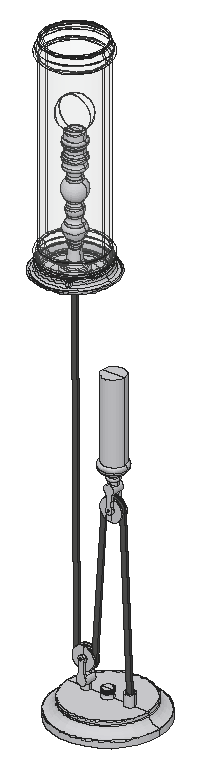
Revit family "Light_Fixture-Pendant-KOHLER-Damask-K-23340_1", category Lighting Fixtures, host Face, Revit 2017 (continued)
Definition of nested family "K-23340"
  Lines and regions (in)
    symbolic lines, detail levels medium+fine
      curve 36: arc (0, 0.25522, 13.28691) -> (0, 0.19755, 13.24258) -> (0, 0.13757, 13.20144) r 1.3427
      curve 37: line (0, -0.25522, 13.45264) -> (0, -0.13757, 13.45264)
      curve 38: line (0, 0.25522, 13.45264) -> (0, 0.13757, 13.45264)
      curve 39: line (0, 0.27549, 13.61175) -> (0, 0.13757, 13.61175)
      curve 40: line (0, -0.27549, 13.61175) -> (0, -0.13757, 13.61175)
      curve 41: line (0, 0.51186, 13.94284) -> (0, 0.13757, 13.94284)
      curve 42: line (0, -0.51186, 13.94284) -> (0, -0.13757, 13.94284)
      curve 43: line (0, -0.71208, 14.1003) -> (0, -0.13757, 14.1003)
      curve 44: line (0, -0.77905, 14.20017) -> (0, -0.13757, 14.20017)
      curve 45: line (0, 0.77905, 14.20017) -> (0, 0.13757, 14.20017)
      curve 46: line (0, 0.71208, 14.1003) -> (0, 0.13757, 14.1003)
      curve 47: line (0, 0.68898, 14.45669) -> (0, 0.13757, 14.45669)
      curve 48: line (0, -0.68898, 14.45669) -> (0, -0.13757, 14.45669)
      curve 49: line (0, -0.13754, 19.375) -> (0, -0.13757, 14.45669)
      curve 50: line (0, 0.13754, 19.375) -> (0, 0.13757, 14.56104)
      curve 51: line (0, 0.13754, 23.33493) -> (0, -0.13754, 23.33493)
      curve 52: line (0, 1.78872, 24.86136) -> (0, -1.78872, 24.86136)
      curve 53: line (0, 0.27284, 24) -> (0, -0.27284, 24)
      curve 54: line (0, 1.8479, 25.71976) -> (0, -1.8479, 25.71976)
      curve 55: line (0, 1.8479, 36.36894) -> (0, -1.8479, 36.36894)
      curve 56: circle (0, 0, 24.70668) r 0.15468 normal (1, 0, 0)
      curve 57: circle (0, 0, 23.59654) r 0.08466 normal (1, 0, 0)
      curve 58: line (-3.25, 0, 0.38026) -> (3.25, 0, 0.38026)
      curve 59: line (1.08269, 0, 1.125) -> (1.67323, 0, 1.125)
      curve 60: line (-0.34514, 0, 1.125) -> (0.34514, 0, 1.125)
      curve 61: line (-1.63379, 0, 1.125) -> (-1.12228, 0, 1.125)
      curve 62: line (-0.34986, 0, 1.43054) -> (-0.34986, 0, 1.58268)
      curve 63: line (-0.34291, 0, 1.58268) -> (-0.34291, 0, 1.43054)
      curve 64: spline (-0.34291, 0, 1.43054) -> (-0.34114, 0, 1.42711) -> (-0.33939, 0, 1.42363) -> (-0.33768, 0, 1.42012) -> (-0.336, 0, 1.41657) -> (-0.33435, 0, 1.41299) -> (-0.33273, 0, 1.40936) -> (-0.33114, 0, 1.4057) -> (-0.32959, 0, 1.402) -> (-0.32807, 0, 1.39827) -> (-0.32659, 0, 1.39451) -> (-0.32514, 0, 1.39071) -> (-0.32372, 0, 1.38688)
      curve 65: spline (-0.32372, 0, 1.38688) -> (-0.32565, 0, 1.39071) -> (-0.32763, 0, 1.39451) -> (-0.32965, 0, 1.39827) -> (-0.33172, 0, 1.402) -> (-0.33383, 0, 1.4057) -> (-0.33599, 0, 1.40936) -> (-0.33819, 0, 1.41299) -> (-0.34044, 0, 1.41657) -> (-0.34273, 0, 1.42012) -> (-0.34507, 0, 1.42363) -> (-0.34744, 0, 1.42711) -> (-0.34986, 0, 1.43054)
      curve 66: spline (-0.30889, 0, 1.38688) -> (-0.31099, 0, 1.39071) -> (-0.31314, 0, 1.39451) -> (-0.31535, 0, 1.39827) -> (-0.3176, 0, 1.402) -> (-0.3199, 0, 1.4057) -> (-0.32225, 0, 1.40936) -> (-0.32465, 0, 1.41299) -> (-0.3271, 0, 1.41657) -> (-0.3296, 0, 1.42012) -> (-0.33214, 0, 1.42363) -> (-0.33473, 0, 1.42711) -> (-0.33737, 0, 1.43054)
      curve 67: spline (-0.32368, 0, 1.43054) -> (-0.32231, 0, 1.42711) -> (-0.32096, 0, 1.42363) -> (-0.31964, 0, 1.42012) -> (-0.31835, 0, 1.41657) -> (-0.31708, 0, 1.41299) -> (-0.31583, 0, 1.40936) -> (-0.31461, 0, 1.4057) -> (-0.31341, 0, 1.402) -> (-0.31224, 0, 1.39827) -> (-0.3111, 0, 1.39451) -> (-0.30998, 0, 1.39071) -> (-0.30889, 0, 1.38688)
      curve 68: line (-0.32368, 0, 1.58268) -> (-0.32368, 0, 1.43054)
      curve 69: line (-0.33737, 0, 1.43054) -> (-0.33737, 0, 1.58268)
      curve 70: line (-0.31462, 0, 1.43054) -> (-0.31462, 0, 1.58268)
      curve 71: spline (-0.28467, 0, 1.38688) -> (-0.28688, 0, 1.39071) -> (-0.28915, 0, 1.39451) -> (-0.29146, 0, 1.39827) -> (-0.29383, 0, 1.402) -> (-0.29625, 0, 1.4057) -> (-0.29873, 0, 1.40936) -> (-0.30125, 0, 1.41299) -> (-0.30382, 0, 1.41657) -> (-0.30645, 0, 1.42012) -> (-0.30912, 0, 1.42363) -> (-0.31184, 0, 1.42711) -> (-0.31462, 0, 1.43054)
      curve 72: spline (-0.2946, 0, 1.43054) -> (-0.29369, 0, 1.42711) -> (-0.29278, 0, 1.42363) -> (-0.2919, 0, 1.42012) -> (-0.29103, 0, 1.41657) -> (-0.29017, 0, 1.41299) -> (-0.28933, 0, 1.40936) -> (-0.28851, 0, 1.4057) -> (-0.28771, 0, 1.402) -> (-0.28693, 0, 1.39827) -> (-0.28616, 0, 1.39451) -> (-0.28541, 0, 1.39071) -> (-0.28467, 0, 1.38688)
      curve 73: line (-0.2946, 0, 1.58268) -> (-0.2946, 0, 1.43054)
      curve 74: line (-0.28231, 0, 1.43054) -> (-0.28231, 0, 1.58268)
      curve 75: spline (-0.25181, 0, 1.38688) -> (-0.25406, 0, 1.39071) -> (-0.25637, 0, 1.39451) -> (-0.25872, 0, 1.39827) -> (-0.26114, 0, 1.402) -> (-0.2636, 0, 1.4057) -> (-0.26612, 0, 1.40936) -> (-0.26869, 0, 1.41299) -> (-0.27131, 0, 1.41657) -> (-0.27399, 0, 1.42012) -> (-0.27671, 0, 1.42363) -> (-0.27948, 0, 1.42711) -> (-0.28231, 0, 1.43054)
      curve 76: spline (-0.25658, 0, 1.43054) -> (-0.25614, 0, 1.42711) -> (-0.25571, 0, 1.42363) -> (-0.25528, 0, 1.42012) -> (-0.25486, 0, 1.41657) -> (-0.25445, 0, 1.41299) -> (-0.25405, 0, 1.40936) -> (-0.25365, 0, 1.4057) -> (-0.25327, 0, 1.402) -> (-0.25289, 0, 1.39827) -> (-0.25252, 0, 1.39451) -> (-0.25216, 0, 1.39071) -> (-0.25181, 0, 1.38688)
      curve 77: line (-0.25658, 0, 1.58268) -> (-0.25658, 0, 1.43054)
      curve 78: line (-0.24142, 0, 1.43054) -> (-0.24142, 0, 1.58268)
      curve 79: spline (-0.21129, 0, 1.38688) -> (-0.21352, 0, 1.39071) -> (-0.21579, 0, 1.39451) -> (-0.21812, 0, 1.39827) -> (-0.22051, 0, 1.402) -> (-0.22294, 0, 1.4057) -> (-0.22543, 0, 1.40936) -> (-0.22797, 0, 1.41299) -> (-0.23056, 0, 1.41657) -> (-0.2332, 0, 1.42012) -> (-0.23589, 0, 1.42363) -> (-0.23863, 0, 1.42711) -> (-0.24142, 0, 1.43054)
      curve 80: spline (-0.21076, 0, 1.43054) -> (-0.21081, 0, 1.42711) -> (-0.21086, 0, 1.42363) -> (-0.21091, 0, 1.42012) -> (-0.21095, 0, 1.41657) -> (-0.211, 0, 1.41299) -> (-0.21104, 0, 1.40936) -> (-0.21109, 0, 1.4057) -> (-0.21113, 0, 1.402) -> (-0.21117, 0, 1.39827) -> (-0.21121, 0, 1.39451) -> (-0.21125, 0, 1.39071) -> (-0.21129, 0, 1.38688)
      curve 81: line (-0.21076, 0, 1.58268) -> (-0.21076, 0, 1.43054)
      curve 82: line (-0.1932, 0, 1.43054) -> (-0.1932, 0, 1.58268)
      curve 83: spline (-0.16436, 0, 1.38688) -> (-0.16649, 0, 1.39071) -> (-0.16867, 0, 1.39451) -> (-0.1709, 0, 1.39827) -> (-0.17318, 0, 1.402) -> (-0.17551, 0, 1.4057) -> (-0.17789, 0, 1.40936) -> (-0.18032, 0, 1.41299) -> (-0.1828, 0, 1.41657) -> (-0.18533, 0, 1.42012) -> (-0.1879, 0, 1.42363) -> (-0.19053, 0, 1.42711) -> (-0.1932, 0, 1.43054)
      curve 84: line (-0.16436, 0, 1.58268) -> (-0.16436, 0, 1.38688)
      curve 85: spline (-0.15854, 0, 1.43054) -> (-0.15908, 0, 1.42711) -> (-0.1596, 0, 1.42363) -> (-0.16012, 0, 1.42012) -> (-0.16063, 0, 1.41657) -> (-0.16114, 0, 1.41299) -> (-0.16163, 0, 1.40936) -> (-0.16211, 0, 1.4057) -> (-0.16258, 0, 1.402) -> (-0.16304, 0, 1.39827) -> (-0.16349, 0, 1.39451) -> (-0.16393, 0, 1.39071) -> (-0.16436, 0, 1.38688)
      curve 86: line (-0.15854, 0, 1.58268) -> (-0.15854, 0, 1.43054)
      curve 87: line (-0.1391, 0, 1.43054) -> (-0.1391, 0, 1.58268)
      curve 88: spline (-0.11243, 0, 1.38688) -> (-0.1144, 0, 1.39071) -> (-0.11641, 0, 1.39451) -> (-0.11848, 0, 1.39827) -> (-0.12059, 0, 1.402) -> (-0.12274, 0, 1.4057) -> (-0.12495, 0, 1.40936) -> (-0.12719, 0, 1.41299) -> (-0.12949, 0, 1.41657) -> (-0.13183, 0, 1.42012) -> (-0.13421, 0, 1.42363) -> (-0.13663, 0, 1.42711) -> (-0.1391, 0, 1.43054)
      curve 89: line (-0.11243, 0, 1.58268) -> (-0.11243, 0, 1.38688)
      curve 90: spline (-0.1015, 0, 1.43054) -> (-0.10251, 0, 1.42711) -> (-0.1035, 0, 1.42363) -> (-0.10448, 0, 1.42012) -> (-0.10544, 0, 1.41657) -> (-0.10638, 0, 1.41299) -> (-0.1073, 0, 1.40936) -> (-0.1082, 0, 1.4057) -> (-0.10908, 0, 1.402) -> (-0.10995, 0, 1.39827) -> (-0.11079, 0, 1.39451) -> (-0.11162, 0, 1.39071) -> (-0.11243, 0, 1.38688)
      curve 91: line (-0.1015, 0, 1.58268) -> (-0.1015, 0, 1.43054)
      curve 92: line (-0.08078, 0, 1.43054) -> (-0.08078, 0, 1.58268)
      curve 93: spline (-0.05708, 0, 1.38688) -> (-0.05883, 0, 1.39071) -> (-0.06062, 0, 1.39451) -> (-0.06246, 0, 1.39827) -> (-0.06433, 0, 1.402) -> (-0.06625, 0, 1.4057) -> (-0.0682, 0, 1.40936) -> (-0.0702, 0, 1.41299) -> (-0.07224, 0, 1.41657) -> (-0.07432, 0, 1.42012) -> (-0.07643, 0, 1.42363) -> (-0.07859, 0, 1.42711) -> (-0.08078, 0, 1.43054)
      curve 94: spline (-0.04137, 0, 1.43054) -> (-0.04283, 0, 1.42711) -> (-0.04425, 0, 1.42363) -> (-0.04566, 0, 1.42012) -> (-0.04703, 0, 1.41657) -> (-0.04838, 0, 1.41299) -> (-0.04971, 0, 1.40936) -> (-0.05101, 0, 1.4057) -> (-0.05228, 0, 1.402) -> (-0.05352, 0, 1.39827) -> (-0.05473, 0, 1.39451) -> (-0.05592, 0, 1.39071) -> (-0.05708, 0, 1.38688)
      curve 95: line (-0.05708, 0, 1.58268) -> (-0.05708, 0, 1.38688)
      curve 96: line (-0.04137, 0, 1.58268) -> (-0.04137, 0, 1.43054)
      curve 97: line (-0.02001, 0, 1.43054) -> (-0.02001, 0, 1.58268)
      curve 98: spline (0, 0, 1.38688) -> (-0.00148, 0, 1.39071) -> (-0.00299, 0, 1.39451) -> (-0.00454, 0, 1.39827) -> (-0.00612, 0, 1.402) -> (-0.00774, 0, 1.4057) -> (-0.00939, 0, 1.40936) -> (-0.01108, 0, 1.41299) -> (-0.0128, 0, 1.41657) -> (-0.01455, 0, 1.42012) -> (-0.01634, 0, 1.42363) -> (-0.01816, 0, 1.42711) -> (-0.02001, 0, 1.43054)
      curve 99: line (0, 0, 1.38688) -> (0, 0, 1.58268)
      curve 100: line (0.34986, 0, 1.43054) -> (0.34986, 0, 1.58268)
      curve 101: line (0.34291, 0, 1.58268) -> (0.34291, 0, 1.43054)
      curve 102: spline (0.34291, 0, 1.43054) -> (0.34114, 0, 1.42711) -> (0.33939, 0, 1.42363) -> (0.33768, 0, 1.42012) -> (0.336, 0, 1.41657) -> (0.33435, 0, 1.41299) -> (0.33273, 0, 1.40936) -> (0.33114, 0, 1.4057) -> (0.32959, 0, 1.402) -> (0.32807, 0, 1.39827) -> (0.32659, 0, 1.39451) -> (0.32514, 0, 1.39071) -> (0.32372, 0, 1.38688)
      curve 103: spline (0.32372, 0, 1.38688) -> (0.32565, 0, 1.39071) -> (0.32763, 0, 1.39451) -> (0.32965, 0, 1.39827) -> (0.33172, 0, 1.402) -> (0.33383, 0, 1.4057) -> (0.33599, 0, 1.40936) -> (0.33819, 0, 1.41299) -> (0.34044, 0, 1.41657) -> (0.34273, 0, 1.42012) -> (0.34507, 0, 1.42363) -> (0.34744, 0, 1.42711) -> (0.34986, 0, 1.43054)
      curve 104: spline (0.30889, 0, 1.38688) -> (0.31099, 0, 1.39071) -> (0.31314, 0, 1.39451) -> (0.31535, 0, 1.39827) -> (0.3176, 0, 1.402) -> (0.3199, 0, 1.4057) -> (0.32225, 0, 1.40936) -> (0.32465, 0, 1.41299) -> (0.3271, 0, 1.41657) -> (0.3296, 0, 1.42012) -> (0.33214, 0, 1.42363) -> (0.33473, 0, 1.42711) -> (0.33737, 0, 1.43054)
      curve 105: spline (0.32368, 0, 1.43054) -> (0.32231, 0, 1.42711) -> (0.32096, 0, 1.42363) -> (0.31964, 0, 1.42012) -> (0.31835, 0, 1.41657) -> (0.31708, 0, 1.41299) -> (0.31583, 0, 1.40936) -> (0.31461, 0, 1.4057) -> (0.31341, 0, 1.402) -> (0.31224, 0, 1.39827) -> (0.3111, 0, 1.39451) -> (0.30998, 0, 1.39071) -> (0.30889, 0, 1.38688)
      curve 106: line (0.32368, 0, 1.58268) -> (0.32368, 0, 1.43054)
      curve 107: line (0.33737, 0, 1.43054) -> (0.33737, 0, 1.58268)
      curve 108: line (0.31462, 0, 1.43054) -> (0.31462, 0, 1.58268)
      curve 109: spline (0.28467, 0, 1.38688) -> (0.28688, 0, 1.39071) -> (0.28915, 0, 1.39451) -> (0.29146, 0, 1.39827) -> (0.29383, 0, 1.402) -> (0.29625, 0, 1.4057) -> (0.29873, 0, 1.40936) -> (0.30125, 0, 1.41299) -> (0.30382, 0, 1.41657) -> (0.30645, 0, 1.42012) -> (0.30912, 0, 1.42363) -> (0.31184, 0, 1.42711) -> (0.31462, 0, 1.43054)
      curve 110: spline (0.2946, 0, 1.43054) -> (0.29369, 0, 1.42711) -> (0.29278, 0, 1.42363) -> (0.2919, 0, 1.42012) -> (0.29103, 0, 1.41657) -> (0.29017, 0, 1.41299) -> (0.28933, 0, 1.40936) -> (0.28851, 0, 1.4057) -> (0.28771, 0, 1.402) -> (0.28693, 0, 1.39827) -> (0.28616, 0, 1.39451) -> (0.28541, 0, 1.39071) -> (0.28467, 0, 1.38688)
      curve 111: line (0.2946, 0, 1.58268) -> (0.2946, 0, 1.43054)
      curve 112: line (0.28231, 0, 1.43054) -> (0.28231, 0, 1.58268)
      curve 113: spline (0.25181, 0, 1.38688) -> (0.25406, 0, 1.39071) -> (0.25637, 0, 1.39451) -> (0.25872, 0, 1.39827) -> (0.26114, 0, 1.402) -> (0.2636, 0, 1.4057) -> (0.26612, 0, 1.40936) -> (0.26869, 0, 1.41299) -> (0.27131, 0, 1.41657) -> (0.27399, 0, 1.42012) -> (0.27671, 0, 1.42363) -> (0.27948, 0, 1.42711) -> (0.28231, 0, 1.43054)
      curve 114: spline (0.25658, 0, 1.43054) -> (0.25614, 0, 1.42711) -> (0.25571, 0, 1.42363) -> (0.25528, 0, 1.42012) -> (0.25486, 0, 1.41657) -> (0.25445, 0, 1.41299) -> (0.25405, 0, 1.40936) -> (0.25365, 0, 1.4057) -> (0.25327, 0, 1.402) -> (0.25289, 0, 1.39827) -> (0.25252, 0, 1.39451) -> (0.25216, 0, 1.39071) -> (0.25181, 0, 1.38688)
      curve 115: line (0.25658, 0, 1.58268) -> (0.25658, 0, 1.43054)
      curve 116: line (0.24142, 0, 1.43054) -> (0.24142, 0, 1.58268)
      curve 117: spline (0.21129, 0, 1.38688) -> (0.21352, 0, 1.39071) -> (0.21579, 0, 1.39451) -> (0.21812, 0, 1.39827) -> (0.22051, 0, 1.402) -> (0.22294, 0, 1.4057) -> (0.22543, 0, 1.40936) -> (0.22797, 0, 1.41299) -> (0.23056, 0, 1.41657) -> (0.2332, 0, 1.42012) -> (0.23589, 0, 1.42363) -> (0.23863, 0, 1.42711) -> (0.24142, 0, 1.43054)
      curve 118: spline (0.21076, 0, 1.43054) -> (0.21081, 0, 1.42711) -> (0.21086, 0, 1.42363) -> (0.21091, 0, 1.42012) -> (0.21095, 0, 1.41657) -> (0.211, 0, 1.41299) -> (0.21104, 0, 1.40936) -> (0.21109, 0, 1.4057) -> (0.21113, 0, 1.402) -> (0.21117, 0, 1.39827) -> (0.21121, 0, 1.39451) -> (0.21125, 0, 1.39071) -> (0.21129, 0, 1.38688)
      curve 119: line (0.21076, 0, 1.58268) -> (0.21076, 0, 1.43054)
      curve 120: line (0.1932, 0, 1.43054) -> (0.1932, 0, 1.58268)
      curve 121: spline (0.16436, 0, 1.38688) -> (0.16649, 0, 1.39071) -> (0.16867, 0, 1.39451) -> (0.1709, 0, 1.39827) -> (0.17318, 0, 1.402) -> (0.17551, 0, 1.4057) -> (0.17789, 0, 1.40936) -> (0.18032, 0, 1.41299) -> (0.1828, 0, 1.41657) -> (0.18533, 0, 1.42012) -> (0.1879, 0, 1.42363) -> (0.19053, 0, 1.42711) -> (0.1932, 0, 1.43054)
      curve 122: line (0.16436, 0, 1.58268) -> (0.16436, 0, 1.38688)
      curve 123: spline (0.15854, 0, 1.43054) -> (0.15908, 0, 1.42711) -> (0.1596, 0, 1.42363) -> (0.16012, 0, 1.42012) -> (0.16063, 0, 1.41657) -> (0.16114, 0, 1.41299) -> (0.16163, 0, 1.40936) -> (0.16211, 0, 1.4057) -> (0.16258, 0, 1.402) -> (0.16304, 0, 1.39827) -> (0.16349, 0, 1.39451) -> (0.16393, 0, 1.39071) -> (0.16436, 0, 1.38688)
      curve 124: line (0.15854, 0, 1.58268) -> (0.15854, 0, 1.43054)
      curve 125: line (0.1391, 0, 1.43054) -> (0.1391, 0, 1.58268)
      curve 126: spline (0.11243, 0, 1.38688) -> (0.1144, 0, 1.39071) -> (0.11641, 0, 1.39451) -> (0.11848, 0, 1.39827) -> (0.12059, 0, 1.402) -> (0.12274, 0, 1.4057) -> (0.12495, 0, 1.40936) -> (0.12719, 0, 1.41299) -> (0.12949, 0, 1.41657) -> (0.13183, 0, 1.42012) -> (0.13421, 0, 1.42363) -> (0.13663, 0, 1.42711) -> (0.1391, 0, 1.43054)
      curve 127: line (0.11243, 0, 1.58268) -> (0.11243, 0, 1.38688)
      curve 128: spline (0.1015, 0, 1.43054) -> (0.10251, 0, 1.42711) -> (0.1035, 0, 1.42363) -> (0.10448, 0, 1.42012) -> (0.10544, 0, 1.41657) -> (0.10638, 0, 1.41299) -> (0.1073, 0, 1.40936) -> (0.1082, 0, 1.4057) -> (0.10908, 0, 1.402) -> (0.10995, 0, 1.39827) -> (0.11079, 0, 1.39451) -> (0.11162, 0, 1.39071) -> (0.11243, 0, 1.38688)
      curve 129: line (0.1015, 0, 1.58268) -> (0.1015, 0, 1.43054)
      curve 130: line (0.08078, 0, 1.43054) -> (0.08078, 0, 1.58268)
      curve 131: spline (0.05708, 0, 1.38688) -> (0.05883, 0, 1.39071) -> (0.06062, 0, 1.39451) -> (0.06246, 0, 1.39827) -> (0.06433, 0, 1.402) -> (0.06625, 0, 1.4057) -> (0.0682, 0, 1.40936) -> (0.0702, 0, 1.41299) -> (0.07224, 0, 1.41657) -> (0.07432, 0, 1.42012) -> (0.07643, 0, 1.42363) -> (0.07859, 0, 1.42711) -> (0.08078, 0, 1.43054)
      curve 132: spline (0.04137, 0, 1.43054) -> (0.04283, 0, 1.42711) -> (0.04425, 0, 1.42363) -> (0.04566, 0, 1.42012) -> (0.04703, 0, 1.41657) -> (0.04838, 0, 1.41299) -> (0.04971, 0, 1.40936) -> (0.05101, 0, 1.4057) -> (0.05228, 0, 1.402) -> (0.05352, 0, 1.39827) -> (0.05473, 0, 1.39451) -> (0.05592, 0, 1.39071) -> (0.05708, 0, 1.38688)
      curve 133: line (0.05708, 0, 1.58268) -> (0.05708, 0, 1.38688)
      curve 134: line (0.04137, 0, 1.58268) -> (0.04137, 0, 1.43054)
      curve 135: line (0.02001, 0, 1.43054) -> (0.02001, 0, 1.58268)
      curve 136: spline (0, 0, 1.38688) -> (0.00148, 0, 1.39071) -> (0.00299, 0, 1.39451) -> (0.00454, 0, 1.39827) -> (0.00612, 0, 1.402) -> (0.00774, 0, 1.4057) -> (0.00939, 0, 1.40936) -> (0.01108, 0, 1.41299) -> (0.0128, 0, 1.41657) -> (0.01455, 0, 1.42012) -> (0.01634, 0, 1.42363) -> (0.01816, 0, 1.42711) -> (0.02001, 0, 1.43054)
      curve 137: arc (-1.63379, 0, 1.48749) -> (-1.37804, 0, 1.35648) -> (-1.12228, 0, 1.48749) r 0.31515
      curve 138: arc (-1.53755, 0, 2.73606) -> (-1.37782, 0, 3.05165) -> (-1.21856, 0, 2.73582) r 0.19814
      curve 139: arc (-1.29242, 0, 2.8535) -> (-1.37797, 0, 2.93905) -> (-1.46352, 0, 2.8535) r 0.08555
      curve 140: arc (-1.46352, 0, 2.8535) -> (-1.37797, 0, 2.76796) -> (-1.29242, 0, 2.8535) r 0.08555
      curve 141: arc (-1.53146, 0, 2.16128) -> (-1.51241, 0, 2.4489) -> (-1.53755, 0, 2.73606) r 1.87985
      curve 142: arc (-1.21856, 0, 2.73582) -> (-1.24367, 0, 2.44877) -> (-1.22461, 0, 2.16125) r 1.87985
      curve 143: arc (-1.81862, 0, 3.38441) -> (-2.04877, 0, 2.69207) -> (-1.52883, 0, 2.18025) r 0.68995
      curve 144: arc (-1.22724, 0, 2.18022) -> (-0.71116, 0, 2.67631) -> (-0.91289, 0, 3.36314) r 0.68995
      curve 145: line (-2.19756, 0, 23.33454) -> (-1.92744, 0, 23.33454)
      curve 146: line (-2.33534, 0, 24) -> (-1.78966, 0, 24)
      curve 147: line (-4.05524, 0, 24.82636) -> (-4.05524, 0, 24.66406)
      curve 148: arc (-4.05524, 0, 24.66406) -> (-4.06337, 0, 24.60652) -> (-4.08714, 0, 24.55349) r 0.20755
      curve 149: line (-3.8447, 0, 24.85876) -> (-0.2803, 0, 24.85876)
      curve 150: line (-3.9104, 0, 25.71976) -> (-0.2146, 0, 25.71976)
      curve 151: line (-3.9104, 0, 36.36894) -> (-0.2146, 0, 36.36894)
      curve 152: arc (-1.10043, 0, 24.81197) -> (-1.12847, 0, 24.76221) -> (-1.1382, 0, 24.70592) r 0.16778
      curve 153: arc (-1.00694, 0, 24.85876) -> (-1.0587, 0, 24.84539) -> (-1.10043, 0, 24.81197) r 0.12748
      curve 154: arc (-1.1382, 0, 24.70592) -> (-1.10922, 0, 24.61735) -> (-1.0335, 0, 24.56303) r 0.14986
      curve 155: arc (-1.0335, 0, 24.56303) -> (-0.99087, 0, 24.5593) -> (-0.95069, 0, 24.574) r 0.09851
      curve 156: arc (-0.95069, 0, 24.574) -> (-0.9108, 0, 24.6107) -> (-0.88583, 0, 24.65881) r 0.15641
      curve 157: arc (-0.88583, 0, 24.65881) -> (-0.8787, 0, 24.72376) -> (-0.89681, 0, 24.78653) r 0.16847
      curve 158: arc (-0.89681, 0, 24.78653) -> (-0.91081, 0, 24.80876) -> (-0.92843, 0, 24.82826) r 0.15255
      curve 159: arc (-0.92843, 0, 24.82826) -> (-0.95032, 0, 24.84546) -> (-0.97479, 0, 24.85876) r 0.16605
      curve 160: arc (-1.17795, 0, 24.79686) -> (-1.1952, 0, 24.7509) -> (-1.20107, 0, 24.70215) r 0.20555
      curve 161: arc (-1.1095, 0, 24.85876) -> (-1.1493, 0, 24.83398) -> (-1.17795, 0, 24.79686) r 0.13213
      curve 162: arc (-1.20107, 0, 24.70215) -> (-1.19079, 0, 24.64837) -> (-1.1614, 0, 24.60218) r 0.14581
      curve 163: arc (-1.1614, 0, 24.60218) -> (-1.11685, 0, 24.56915) -> (-1.06361, 0, 24.55364) r 0.15724
      curve 164: arc (-1.06361, 0, 24.55364) -> (-1.03467, 0, 24.55212) -> (-1.00574, 0, 24.55371) r 0.26959
      curve 165: arc (-1.00574, 0, 24.55371) -> (-0.97697, 0, 24.56048) -> (-0.95069, 0, 24.574) r 0.1213
      curve 166: arc (0.19234, 0, 11.90757) -> (0.21745, 0, 12.19441) -> (0.19845, 0, 12.48172) r 1.87985
      curve 167: arc (0.51134, 0, 11.90733) -> (0.35161, 0, 11.59175) -> (0.19234, 0, 11.90757) r 0.19814
      curve 168: arc (0.50519, 0, 12.48169) -> (0.48619, 0, 12.19428) -> (0.51134, 0, 11.90733) r 1.87985
      curve 169: arc (0.4373, 0, 11.78989) -> (0.35175, 0, 11.87543) -> (0.26621, 0, 11.78989) r 0.08555
      curve 170: arc (0.26621, 0, 11.78989) -> (0.35175, 0, 11.70434) -> (0.4373, 0, 11.78989) r 0.08555
      curve 171: arc (-0.11385, 0, 11.28323) -> (-0.31257, 0, 11.96779) -> (0.20119, 0, 12.46192) r 0.68898
      curve 172: arc (0.81022, 0, 11.27675) -> (1.01732, 0, 11.96307) -> (0.50245, 0, 12.46189) r 0.68898
      curve 173: arc (0.09935, 0, 13.16038) -> (0.35182, 0, 13.28691) -> (0.60429, 0, 13.16038) r 0.31515
      curve 174: line (0.09935, 0, 13.45517) -> (0.60429, 0, 13.45517)
      curve 175: line (0.07844, 0, 13.61175) -> (0.6252, 0, 13.61175)
      curve 176: line (-0.15792, 0, 13.94284) -> (0.86156, 0, 13.94284)
      curve 177: line (-0.35814, 0, 14.1003) -> (1.06178, 0, 14.1003)
      curve 178: line (-0.42511, 0, 14.20017) -> (1.12875, 0, 14.20017)
      curve 179: line (-0.33504, 0, 14.45669) -> (1.04291, 0, 14.45669)
      curve 180: line (1.24079, 0, 1.81932) -> (1.51401, 0, 1.81932)
      curve 181: arc (1.67323, 0, 0) -> (1.48363, 0.27572, 0) -> (1.15832, 0.19736, 0) r 0.29528
      curve 182: arc (1.15832, -0.19736, 0) -> (1.48363, -0.27572, 0) -> (1.67323, 0, 0) r 0.29528
      curve 183: arc (1.04291, 0, 0) -> (0.78909, 0.53416, 0) -> (0.21463, 0.67475, 0) r 0.68898
      curve 184: line (1.17064, 0.13757, 0) -> (1.37752, 0.13757, 0)
      curve 185: line (1.17064, -0.13757, 0) -> (1.37752, -0.13757, 0)
      curve 186: arc (1.37752, 0.13757, 0) -> (1.51509, 0, 0) -> (1.37752, -0.13757, 0) r 0.13757
      curve 187: arc (1.04291, 0, 0) -> (0.78909, -0.53416, 0) -> (0.21463, -0.67475, 0) r 0.68898
      curve 188: arc (0.17002, -0.81023, 0) -> (1.18212, 0, 0) -> (0.17002, 0.81023, 0) r 0.83036
      curve 189: arc (-1.24925, -2.23142, 0) -> (2.55732, 0, 0) -> (-1.24925, 2.23142, 0) r 2.55732
      curve 190: arc (-2.22443, -2.36947, 0) -> (0.31242, 0.01894, 0) -> (-2.26219, 2.36659, 0) r 2.375
      curve 191: circle (-2.0625, 0, 0) r 2.0625 normal (0, 0, 1)
      curve 192: circle (-2.0625, 0, 0) r 1.8479 normal (0, 0, 1)
      curve 193: circle (-2.0625, 0, 0) r 1.71918 normal (0, 0, 1)
      curve 194: circle (-2.0625, 0, 0) r 1.599 normal (0, 0, 1)
      curve 195: circle (-2.0625, 0, 0) r 1 normal (0, 0, 1)
      curve 196: line (-1.16966, 1.85923, 0) -> (-1.15739, 1.88478, 0)
      curve 197: line (-0.89745, 1.70193, 0) -> (-0.88285, 1.73233, 0)
      curve 198: line (-1.12484, 1.89484, 0) -> (-0.89142, 1.76007, 0)
      curve 199: arc (-1.15739, 1.88478, 0) -> (-1.14331, 1.89691, 0) -> (-1.12484, 1.89484, 0) r 0.02323
      curve 200: arc (-0.89142, 1.76007, 0) -> (-0.8817, 1.74788, 0) -> (-0.88285, 1.73233, 0) r 0.02136
      curve 201: line (-4.11892, 0.1583, 0) -> (-4.15647, 0.15545, 0)
      curve 202: line (-4.17621, -0.13538, 0) -> (-4.17621, 0.13415, 0)
      curve 203: arc (-4.15122, -0.15854, 0) -> (-4.16877, -0.15242, 0) -> (-4.17621, -0.13538, 0) r 0.02323
      curve 204: arc (-4.17621, 0.13415, 0) -> (-4.17052, 0.14867, 0) -> (-4.15647, 0.15545, 0) r 0.02136
      curve 205: line (-4.15122, -0.15854, 0) -> (-4.1189, -0.15854, 0)
      curve 206: line (-1.16966, -1.85923, 0) -> (-1.15739, -1.88478, 0)
      curve 207: line (-0.89745, -1.70193, 0) -> (-0.88285, -1.73233, 0)
      curve 208: line (-1.12484, -1.89484, 0) -> (-0.89142, -1.76007, 0)
      curve 209: arc (-1.15739, -1.88478, 0) -> (-1.14331, -1.89691, 0) -> (-1.12484, -1.89484, 0) r 0.02323
      curve 210: arc (-0.89142, -1.76007, 0) -> (-0.8817, -1.74788, 0) -> (-0.88285, -1.73233, 0) r 0.02136
      curve 211: line (0, 0.35433, 2.65536) -> (0, 0.35433, 3.05165)
  Dimensions and locks (in)
    locked: plane 4 to plane 5 at 6.5
    locked: plane 6 to plane 2 at 1.125
    locked: plane 7 to plane 2 at 19.375
    locked: plane 8 to plane 9 at 13.375
    locked: plane 8 to plane 2 at 37.375
    locked: plane 17 to plane 18 at 4.12599
    locked: plane 19 to plane 20 at 6.5
    plane 4 to plane 5 = 6 1/2"
    locked: plane 21 to plane 3 "Center (Left/Right)" at 4.125
    locked: plane 24 to plane 23 at 4.75
    aligned and locked: plane 2 to level
Types (5): name | Type | Model | Finish
  (no name) | 4 | "K-23340-PE01-CPL" | Kohler-Metal-CP-Polished_Chrome
  SNL-Polished Nickel | 1 | "K-23340-PE01-SNL" | Kohler-Metal-SN-Vibrant_Polished_Nickel
  BGL-Moderne Brushed Gold | 2 | "K-23340-PE01-BGL" | Kohler-Metal-BGD-Vibrant_Moderne_Brushed_Gold
  BZL-Oil-Rubbed Bronze | 3 | "K-23340-PE01-BZL" | Kohler-Metal-2BZ-Oil_Rubbed_Bronze
  CPL-Polished Chrome | 4 | "K-23340-PE01-CPL" | Kohler-Metal-CP-Polished_Chrome
